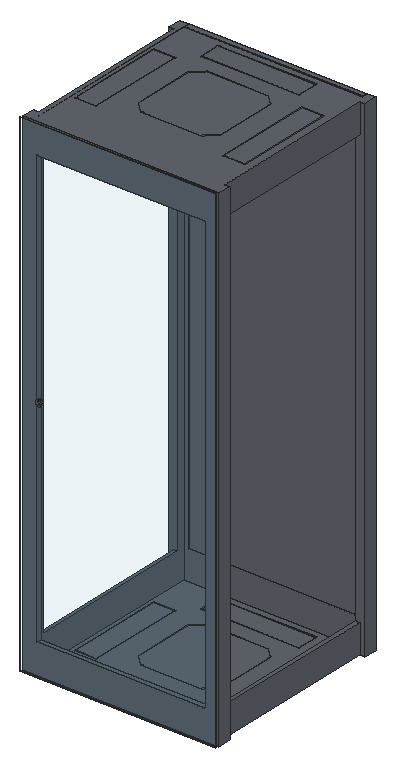
Revit family "Extension baying kit Linkeo", category Equipement spécialisé, Revit 2020
Family settings
  Cote de connecteur circulaire = Utiliser le diamètre
  Type d'élément = Normal
  Numéro OmniClass = 23.85.05.17.11.14
  Titre OmniClass = Multimedia Broadcasting Equipment
  Basée sur le plan de construction = Non
  Toujours verticalement = Oui
  Couper avec des vides une fois chargée = Non
  Partagée = Oui
  Point de calcul de pièce = Non
Parameters (values of type "Extension for cabinet Linkeo2 42U 800x800")
  With roof plate = yes
  With earthing = yes
  Width (mm) = 810.00 mm
  Usable width (mm) = 690.00 mm
  Usable height (mm) = 1786.00 mm
  Type of ventilation = "None"
  Type of surface = "Powder coating"
  Type of profile rail = "Crank"
  Storage temperature = "-25°C à 70°C"
  Rack location = 93.00 mm
  RAL Number = "7016"
  Operating temperature = "-25°C à 70°C"
  Number of height units = 42
  Number of doors = "1"
  Mounting level = "Front side"
  Modular spacing = "19 inches"
  Model width = 800.00 mm
  Model = "With permanent frame"
  Max load capacity = "400"
  Material = "Steel"
  Locking of the front door = "One point"
  Legrand part number = "646770"
  Type of levelling feet = "Levelling feet  800X800"
  Type of horizontal uprights = "Horizontal uprights for Linkeo freestanding cabinets  42U depth 800"
  Type of vertical uprights = "Vertical uprights for Linkeo freestanding cabinets  42U"
  Height = 2026.00 mm
  Function = "Cabinet Linkeo2"
  Front door material = glass
  Fabricant = "Legrand"  # constant formula
  E-catalogue link = "https://www.legrand.fr/reference/646770/pro"
  Door symbol = "Door symbol  Door 800mm"
  Elévation par défaut = 0.00 mm
  EAN = "3414971001633"
  Distance of the aperture 2 = 198.00 mm
  Distance of the aperture 1 = 257.00 mm
  Depth of the model (mm) = 800.00 mm
  Depth = 830.00 mm
  Degree of protection IP = "IP20"
  Degree of protection IK = "IK08"
  Color = grey
  BIM wording = "Cabinet Linkeo2 42U 800x800"
  Avec porte frontale = yes
  Application class = "EC002499"
Reference planes
  plane 1 "Centre (avant/arrière)": y = 106
  plane 2: z = 0
  plane 3: x = -100
  plane 4: x = 700
  plane 5: z = 2026
  plane 6: y = -694
  plane 7: x = -45
  plane 8: x = 645
  plane 9: x = 300
  plane 10: z = 1906
  plane 11: z = 120
  plane 12: z = 1013
  plane 13: y = -692
  plane 14: x = 300
  plane 15: y = -444.5
  plane 16: y = 455.094
  plane 17: x = 1428.928
  plane 18: z = -485.313
  plane 19: x = 2466.566
  plane 20: z = 1013
  plane 21: x = 300
  plane 22: x = 500
  plane 23: x = 100
  plane 24: x = 300
  plane 25: y = -601
  plane 26: x = 525
  plane 27: y = -599.5
  plane 28: x = 556.5
  plane 29: x = 558
  plane 30: y = -560.5
  plane 31: y = -559
  plane 32: x = 534.5
  plane 33: x = 536
  plane 34: z = 80
  plane 35: z = 89.5
  plane 36: x = 528.5
  plane 37: x = 538
  plane 38: z = 111.75
  plane 39: z = 121.25
  plane 40: y = -742.5
  plane 41: y = -752
  plane 42: z = 105.38
  plane 43: z = 95.88
  plane 44: x = 77
  plane 45: x = 67.5
  plane 46: x = 66
  plane 47: z = 125
  plane 48: z = 1991
  plane 49: z = 1013
  plane 50: y = -694
  plane 51: y = 66
  plane 52: z = 35
  plane 53: y = -601
  plane 54 "Panneaux gauche": y = -597.5
  plane 55 "Panneaux droit": y = 62.5
  plane 56 "Panneaux haut": z = 1989
  plane 57: z = 1941
  plane 58: z = 1941
  plane 59: y = -267.5
  plane 60: x = 175
  plane 61: x = 425
  plane 62: y = 54
  plane 63: y = -36
  plane 64: x = 98
  plane 65: x = 502
  plane 66: x = 131
  plane 67: y = -344.658
  plane 68: x = 469
  plane 69: y = -6.658
  plane 70: x = 133.5
  plane 71: y = -9.158
  plane 72: y = -342.158
  plane 73: x = 466.5
  plane 74: y = -50.658
  plane 75: y = -300.158
  plane 76: through (150.891, -321.084, 1200) normal (-0.7071, -0.7071, 0)
  plane 77: through (440.304, -329.89, 1200) normal (-0.7071, 0.7071, 0)
  plane 78: through (446.349, -26.971, 1200) normal (-0.7071, -0.7071, 0)
  plane 79: through (445.75, -29.908, 1200) normal (-0.7071, -0.7071, 0)
  plane 80: through (150.227, -316.885, 1200) normal (-0.7071, -0.7071, 0)
  plane 81: through (445.5, -321.158, 1200) normal (-0.7071, 0.7071, 0)
  plane 82: x = 100.5
  plane 83: y = 91.5
  plane 84: y = 7.5
  plane 85: x = 499.5
  plane 86: x = 131
  plane 87: y = -437
  plane 88: x = 469
  plane 89: y = -99
  plane 90: x = 133.5
  plane 91: y = -101.5
  plane 92: y = -434.5
  plane 93: x = 466.5
  plane 94: y = -143
  plane 95: y = -392.5
  plane 96: through (150.891, -413.426, 577) normal (-0.7071, -0.7071, 0)
  plane 97: through (440.304, -422.232, 577) normal (-0.7071, 0.7071, 0)
  plane 98: through (446.349, -119.313, 577) normal (-0.7071, -0.7071, 0)
  plane 99: through (445.75, -122.25, 577) normal (-0.7071, -0.7071, 0)
  plane 100: through (150.227, -409.227, 577) normal (-0.7071, -0.7071, 0)
  plane 101: through (445.5, -413.5, 577) normal (-0.7071, 0.7071, 0)
  plane 102: x = -49
  plane 103: x = 41
  plane 104: y = -92
  plane 105: y = -496
  plane 106: y = -94.5
  plane 107: x = -46.5
  plane 108: x = 559
  plane 109: x = 649
  plane 110: through (113.028, -163.472, 1200) normal (-0.7071, 0.7071, 0)
  plane 111: through (194.144, -78.82, 1200) normal (0.7071, -0.7071, 0)
  plane 112: through (113.028, -71.13, 1823) normal (-0.7071, 0.7071, 0)
  plane 113: through (194.144, 13.522, 1823) normal (0.7071, -0.7071, 0)
  plane 114: x = 175.5
  plane 115: through (175.5, -434.5, 1200) normal (-0.7071, -0.7071, 0)
  plane 116: x = 424.5
  plane 117: through (424.5, -434.5, 1200) normal (-0.7071, 0.7071, 0)
  plane 118: through (133.5, -143, 1200) normal (-0.7071, 0.7071, 0)
  plane 119: through (425, -101.5, 1200) normal (0.7071, 0.7071, 0)
  plane 120: x = 175.5
  plane 121: through (175.5, -342.158, 1823) normal (-0.7071, -0.7071, 0)
  plane 122: x = 424.5
  plane 123: through (424.5, -342.158, 1823) normal (-0.7071, 0.7071, 0)
  plane 124: through (133.5, -50.658, 1823) normal (-0.7071, 0.7071, 0)
  plane 125: through (425, -9.158, 1823) normal (0.7071, 0.7071, 0)
  plane 126: y = -601
  plane 127: z = 124.45
  plane 128: x = 42
  plane 129: y = -493.5
  plane 130: x = 100.5
  plane 131: x = 100.5
  plane 132: x = 100.5
  plane 133: x = 561.5
  plane 134: z = 1958
  plane 135: y = -294
  plane 136: y = 84.5
  plane 137: y = -672.5
  plane 138: x = 41
  plane 139: x = 559
  plane 140: x = 300
  plane 141: z = 4159
  plane 142: z = 1958
  plane 143: y = -694
  plane 144: z = 72
  plane 145: z = 1954
  plane 146: y = 82.5
  plane 147: y = -670.5
  plane 148: x = 38.5
  plane 149: x = 646.5
  plane 150: x = 678.5
  plane 151: x = -78.5
  plane 152: z = 1906
  plane 153: z = 120
  plane 154: z = 1013
  plane 155: y = -294
  plane 156: y = 51
  plane 157: y = -639
  plane 158: x = -63.5
  plane 159: x = 663.5
  plane 160: y = 84.5
  plane 161: y = -294
  plane 162: y = -709
  plane 163: y = -704
  plane 164: y = -294
Forms (mm)
  Extrusion 1, solid, material "grey" <- "Color"
    sketch origin (-100, 0, 0) x (0, 1, 0) y (0, 0, 1)
      loop
        line (-694, 0) -> (106, 0) -> (106, 2026) -> (-694, 2026) -> (-694, 0)
    from 0 to 800
  Extrusion 2, void
    sketch origin (-250, 82.5, 1200) x (1, 0, 0) y (0, 0, 1)
      loop
        line (185, 824) -> (185, -1198) -> (915, -1198) -> (915, 824) -> (185, 824)
    from 0 to 753
  Extrusion 3, void
    sketch origin (0, 106, 0) x (1, 0, 0) y (0, 0, 1)
      loop
        line (-45, 1906) -> (-45, 120) -> (645, 120) -> (645, 1906) -> (-45, 1906)
    from 0 to 800
  Extrusion 4, solid, material "grey"
    sketch origin (-658.117, -709, 541.471) x (1, 0, 0) y (0, 0, 1)
      loop
        circle (638.746, 471.529) r 12
    from 0 to 5
  Extrusion 5, void
    sketch origin (-657.497, -714, 541.306) x (-1, 0, 0) y (0, 0, 1)
      loop
        line (-631.856, 476.03) -> (-633.789, 477.963) -> (-644.395, 467.357) -> (-642.463, 465.424) -> (-631.856, 476.03)
    from 0 to 2
  Extrusion 6, solid, material "grey", not visible
    sketch origin (50.552, -709, -159.029) x (1, 0, 0) y (0, 0, 1)
      loop
        circle (638.746, 471.529) r 12
    from 0 to 5
  Extrusion 7, void, not visible
    sketch origin (51.172, -714, -159.194) x (-1, 0, 0) y (0, 0, 1)
      loop
        line (-631.856, 476.03) -> (-633.789, 477.963) -> (-644.395, 467.357) -> (-642.463, 465.424) -> (-631.856, 476.03)
    from 0 to 2
  Extrusion 8, solid, material "grey" <- "Color", not visible
    sketch origin (621, -865.746, -189.529) x (0, 1, 0) y (0, 0, 1)
      loop
        circle (638.746, 471.529) r 12
    from 0 to 4
  Extrusion 9, void, not visible
    sketch origin (625, -865.126, -189.694) x (0, -1, 0) y (0, 0, 1)
      loop
        line (-631.856, 476.03) -> (-633.789, 477.963) -> (-644.395, 467.357) -> (-642.463, 465.424) -> (-631.856, 476.03)
    from 0 to 2
  Extrusion 10, void
    sketch origin (0, -23, 0) x (1, 0, 0) y (0, 1, 0)
      loop
        line (131, -118.964) -> (131, -370.536) -> (174.464, -414) -> (425.536, -414) -> (469, -370.536) -> (469, -118.964) -> (426.036, -76) -> (173.964, -76) -> (131, -118.964)
    from 2026 to 0
  Extrusion 11, void
    sketch origin (-100, -694, 0) x (0, -1, 0) y (1, 0, 0)
      loop
        line (-658, 198) -> (-658, 602) -> (-748, 602) -> (-748, 198) -> (-658, 198)
    from 0 to 2026
  Extrusion 12, solid, material "grey" <- "Color"
    sketch origin (698, 106, 2026) x (-1, 0, 0) y (0, -1, 0)
      loop
        line (597.5, 56) -> (597.5, 138.5) -> (198.5, 138.5) -> (198.5, 56) -> (597.5, 56)
    from 0 to -2
  Extrusion 13, solid, material "grey" <- "Color", not visible
    sketch origin (698, 146, 625) x (-1, 0, 0) y (0, -1, 0)
      loop
        line (597.5, 56) -> (597.5, 138.5) -> (198.5, 138.5) -> (198.5, 56) -> (597.5, 56)
    from 0 to -2
  Extrusion 14, solid, material "grey" <- "Color"
    sketch origin (698, 106, 2) x (-1, 0, 0) y (0, -1, 0)
      loop
        line (597.5, 56) -> (597.5, 138.5) -> (198.5, 138.5) -> (198.5, 56) -> (597.5, 56)
    from 0 to -2
  Extrusion 15, void
    sketch origin (0, 0, 0) x (0, 1, 0) y (1, 0, 0)
      loop
        line (-92, -49) -> (-92, 41) -> (-496, 41) -> (-496, -49) -> (-92, -49)
      loop
        line (-92, 559) -> (-92, 649) -> (-496, 649) -> (-496, 559) -> (-92, 559)
    from 0 to -2026
  Extrusion 16, solid, material "grey" <- "Color"
    sketch origin (-100, -454, 0) x (1, 0, 0) y (0, -1, 0)
      loop
        line (233.5, -311) -> (275, -352.5) -> (525, -352.5) -> (566.5, -311) -> (566.5, -61.5) -> (524.5, -19.5) -> (275.5, -19.5) -> (233.5, -61.5) -> (233.5, -311)
    from 0 to -2
  Extrusion 17, solid, material "grey" <- "Color"
    sketch origin (-100, 106, 2026) x (0, -1, 0) y (1, 0, 0)
      loop
        line (207.5, 275) -> (249, 233.5) -> (498.5, 233.5) -> (540.5, 275.5) -> (540.5, 524.5) -> (498.5, 566.5) -> (249, 566.5) -> (207.5, 525) -> (207.5, 275)
    from -2 to 0
  Extrusion 18, void
    sketch origin (0, 106, 0) x (1, 0, 0) y (0, 0, 1)
      loop
        line (649, 1954) -> (-49, 1954) -> (-49, 72) -> (649, 72) -> (649, 1954)
    from 2 to 0
  Extrusion 19, solid, material "grey" <- "Color"
    sketch origin (938.746, 106, 1467.471) x (-1, 0, 0) y (0, 0, 1)
      loop
        circle (638.746, 471.529) r 12
    from 0 to 4
  Extrusion 20, void
    sketch origin (938.126, 110, 1467.306) x (1, 0, 0) y (0, 0, 1)
      loop
        line (-631.856, 476.03) -> (-633.789, 477.963) -> (-644.395, 467.357) -> (-642.463, 465.424) -> (-631.856, 476.03)
    from 0 to 2
  Extrusion 21, solid, material "grey" <- "Color"
    sketch origin (-100, 106, 2026) x (0, -1, 0) y (1, 0, 0)
      loop
        line (599.5, 746.5) -> (200.5, 746.5) -> (200.5, 661.5) -> (599.5, 661.5) -> (599.5, 746.5)
    from 0 to -2
  Extrusion 22, solid, material "grey" <- "Color"
    sketch origin (-100, -694, 0) x (1, 0, 0) y (0, -1, 0)
      loop
        line (53.5, -599.5) -> (138.5, -599.5) -> (138.5, -200.5) -> (53.5, -200.5) -> (53.5, -599.5)
    from 0 to -2
  Extrusion 23, solid, material "grey" <- "Color"
    sketch origin (-100, -694, 0) x (1, 0, 0) y (0, -1, 0)
      loop
        line (746.5, -599.5) -> (746.5, -200.5) -> (661.5, -200.5) -> (661.5, -599.5) -> (746.5, -599.5)
    from 0 to -2
  Extrusion 24, void
    sketch origin (-100, 0, 0) x (0, 1, 0) y (0, 0, 1)
      loop
        line (51, 2026) -> (-639, 2026) -> (-639, 0) -> (51, 0) -> (51, 2026)
    from 0 to 21.5
  Extrusion 25, solid, material "grey" <- "Color"
    sketch origin (0, 106, 0) x (1, 0, 0) y (0, 0, 1)
      loop
        line (663.5, 2026) -> (-63.5, 2026) -> (-63.5, 0) -> (663.5, 0) -> (663.5, 2026)
    from 0 to 21.5
  Extrusion 26, solid, material "grey" <- "Color"
    sketch origin (-100, 106, 2026) x (0, -1, 0) y (1, 0, 0)
      loop
        line (200.5, 53.5) -> (599.5, 53.5) -> (599.5, 138.5) -> (200.5, 138.5) -> (200.5, 53.5)
    from 0 to -2
  Extrusion 27, void
    sketch origin (700, 0, 0) x (0, -1, 0) y (0, 0, 1)
      loop
        line (639, 2026) -> (-51, 2026) -> (-51, 0) -> (639, 0) -> (639, 2026)
    from 0 to 21.5
  Extrusion 28, void
    sketch origin (-100, 0, 0) x (0, 1, 0) y (0, 0, 1)
      loop
        line (51, 1906) -> (-639, 1906) -> (-639, 120) -> (51, 120) -> (51, 1906)
    from 0 to 800
  Extrusion 29, void
    sketch origin (-100, 106, 2026) x (1, 0, 0) y (0, -1, 0)
      loop
        line (36.5, 21.5) -> (36.5, 0) -> (763.5, 0) -> (763.5, 21.5) -> (36.5, 21.5)
    from 0 to 2026
  Extrusion 30, solid, material "glass" <- "Front door material"
    sketch origin (-100, 106, 2026) x (0, -1, 0) y (1, 0, 0)
      loop
        line (815, 0) -> (815, 800) -> (810, 800) -> (810, 0) -> (815, 0)
    from -2026 to 4
Cuts and joins
  Extrusion 2, Extrusion 3, Extrusion 10, Extrusion 11, Extrusion 15, Extrusion 18, Extrusion 24, Extrusion 27, Extrusion 28, Extrusion 29 cuts Extrusion 1
  Extrusion 5 cuts Extrusion 4
  Extrusion 20 cuts Extrusion 19
Lines and regions (mm)
  model lines, not visible
    curve 1: line (488, 106, 1013) -> (512, 106, 1013)
    curve 2: line (661, -215, 282) -> (661, -227, 282)
    curve 3: line (-139, -227, 282) -> (-139, -227, 270)
    curve 4: line (288, 146, 1939) -> (300, 146, 1939)
    curve 5: line (300, -654, 1939) -> (300, -654, 1927)
    curve 7: line (-139, -627, 270) -> (-124, -627, 270)
  model lines
    curve 6: line (700, -654, 1927) -> (700, -639, 1927)
Dimensions and locks
  "Model width": plane 4 to plane 3
  "Height": plane 5 to level
  "Depth of the model (mm)": plane 6 to plane 1 "Centre (avant/arrière)"
  locked: plane 7 to plane 8 at 690
  equal spacing: plane 7, plane 9, plane 8
  equal spacing: plane 4, plane 9, plane 3
  equal spacing: plane 5, plane 12, level
  equal spacing: plane 10, plane 12, plane 11
  "Usable height (mm)": plane 10 to plane 11
  Extrusion 2 sketch curve to plane 3 = 35.00 mm
  Extrusion 2 sketch curve to plane 4 = 35.00 mm
  locked: Extrusion 2 sketch curve to level at 2
  locked: plane 5 to Extrusion 2 sketch curve at 2
  locked: plane 6 to plane 13 at 2
  cut or joined group 1 (Extrusion 1, Extrusion 2, Extrusion 3, Extrusion 10, Extrusion 11, Extrusion 15, Extrusion 18, Extrusion 24, Extrusion 27, Extrusion 28, Extrusion 29) to plane 1 "Centre (avant/arrière)" = 23.50 mm
  equal spacing: plane 3, plane 14, plane 4
  equal spacing: plane 23, plane 24, plane 22
  "Rack location": plane 25 to plane 6
  locked: plane 27 to plane 25 at 1.5
  locked: plane 28 to plane 29 at 1.5
  locked: plane 30 to plane 31 at 1.5
  locked: plane 32 to plane 33 at 1.5
  plane 29 to cut or joined group 1 = 107.00 mm
  locked: plane 26 to plane 28 at 31.5
  locked: plane 31 to plane 25 at 42
  locked: plane 32 to plane 29 at 23.5
  locked: plane 34 to level at 80
  locked: plane 35 to plane 34 at 9.5
  locked: plane 36 to plane 37 at 9.5
  locked: plane 26 to plane 36 at 3.5
  locked: plane 39 to plane 38 at 9.5
  locked: plane 38 to plane 34 at 31.75
  plane 41 to plane 40 = 9.50 mm
  locked: plane 42 to plane 43 at 9.5
  plane 43 to plane 35 = 6.38 mm
  locked: plane 45 to plane 46 at 1.5
  locked: plane 47 to plane 11 at 5
  plane 5 to plane 48 to plane 10 = 35.00 mm, 85.00 mm
  locked: plane 51 to plane 1 "Centre (avant/arrière)" at 40
  locked: plane 52 to level at 35
  locked: plane 48 to plane 5 at 35
  locked: plane 25 to plane 54 "Panneaux gauche" at 3.5
  locked: plane 55 "Panneaux droit" to plane 51 at 3.5
  locked: plane 56 "Panneaux haut" to plane 48 at 2
  plane 57 to plane 5 = 85.00 mm
  locked: plane 5 to plane 58 at 85
  plane 54 "Panneaux gauche" to plane 55 "Panneaux droit" = 660.00 mm
  equal spacing: plane 54 "Panneaux gauche", plane 59, plane 55 "Panneaux droit"
  locked: plane 64 to plane 65 at 404
  "Distance of the aperture 2": plane 1 "Centre (avant/arrière)" to plane 104
  locked: plane 104 to plane 105 at 404
  locked: plane 102 to plane 103 at 90
  locked: plane 104 to plane 106 at 2.5
  locked: plane 102 to plane 107 at 2.5
  locked: plane 3 to plane 102 at 51
  locked: plane 108 to plane 109 at 90
  plane 109 to plane 4 = 51.00 mm
  "Distance of the aperture 1": plane 50 to plane 87
  locked: plane 127 to plane 34 at 44.45
  equal spacing: plane 128, plane 24, plane 29
  locked: plane 128 to plane 29 at 516
  plane 1 "Centre (avant/arrière)" to plane 62 = 52.00 mm
  cut or joined group 1 to plane 63 = 90.00 mm
  plane 129 to plane 105 = 2.50 mm
  plane 5 to plane 134 = 68.00 mm
  equal spacing: plane 136, plane 135, plane 137
  equal spacing: plane 1 "Centre (avant/arrière)", plane 135, plane 6
  equal spacing: plane 138, plane 140, plane 139, locked at 259 each
  plane 141 to plane 20 = 3146.00 mm
  equal spacing: Extrusion 24 sketch curve, plane 135, Extrusion 24 sketch curve
  "Usable width (mm)": Extrusion 24 sketch curve to Extrusion 24 sketch curve
  locked: plane 144 to level at 72
  plane 5 to plane 145 = 72.00 mm
  locked: plane 1 "Centre (avant/arrière)" to plane 146 at 23.5
  locked: plane 50 to plane 147 at 23.5
  locked: plane 148 to plane 103 at 2.5
  locked: plane 149 to plane 109 at 2.5
  locked: plane 150 to plane 4 at 21.5
  locked: plane 3 to plane 151 at 21.5
  equal spacing: plane 152, plane 154, plane 153
  "Usable height (mm)": plane 152 to plane 153
  equal spacing: plane 156, plane 155, plane 157
  "Usable width (mm)": plane 156 to plane 157
  locked: plane 3 to plane 158 at 36.5
  locked: plane 159 to plane 4 at 36.5
  locked: plane 1 "Centre (avant/arrière)" to plane 160 at 21.5
  equal spacing: plane 1 "Centre (avant/arrière)", plane 161, plane 143
  locked: plane 163 to plane 162 at 5
  locked: plane 163 to plane 50 at 10
  cut or joined group of Extrusion 4, Extrusion 5 to Extrusion 30 = 5.00 mm
  equal spacing: plane 50, plane 164, plane 1 "Centre (avant/arrière)"
  locked: curve 6 to plane 5 at 99
  aligned and locked: level to plane 2
  aligned and locked: Extrusion 1 sketch curve to level
  aligned and locked: Extrusion 1 sketch curve to plane 6
  aligned and locked: plane 5 to Extrusion 1 sketch curve
  aligned and locked: Extrusion 1 sketch curve to plane 1 "Centre (avant/arrière)"
  aligned and locked: Extrusion 1 to plane 4
  aligned and locked: Extrusion 1 to plane 3
  aligned and locked: Extrusion 3 sketch curve to plane 10
  aligned and locked: Extrusion 3 sketch curve to plane 7
  aligned and locked: plane 11 to Extrusion 3 sketch curve
  aligned and locked: Extrusion 3 sketch curve to plane 8
  aligned and locked: Extrusion 1 to Extrusion 3  (x2)
  aligned and locked: plane 24 to plane 9
  aligned and locked: plane 20 to plane 12
  aligned and locked: plane 49 to Extrusion 4
  aligned and locked: plane 49 to plane 20
  aligned and locked: plane 6 to plane 50
  aligned and locked: Extrusion 11 sketch curve to plane 64
  aligned and locked: plane 65 to Extrusion 11 sketch curve
  aligned and locked: Extrusion 12 to cut or joined group 1
  aligned and locked: Extrusion 1 to Extrusion 11
  aligned and locked: plane 104 to Extrusion 15 sketch curve  (x2)
  aligned and locked: Extrusion 15 sketch curve to plane 102
  aligned and locked: Extrusion 15 sketch curve to plane 105  (x2)
  aligned and locked: plane 103 to Extrusion 15 sketch curve
  aligned and locked: plane 5 to Extrusion 15
  aligned and locked: Extrusion 10 sketch curve to plane 86
  aligned and locked: Extrusion 10 sketch curve to plane 111
  aligned and locked: Extrusion 10 sketch curve to plane 89
  aligned and locked: Extrusion 10 sketch curve to plane 98
  aligned and locked: Extrusion 10 sketch curve to plane 88
  aligned and locked: Extrusion 10 sketch curve to plane 97
  aligned and locked: Extrusion 10 sketch curve to plane 87
  aligned and locked: Extrusion 10 sketch curve to plane 96
  aligned and locked: Extrusion 16 sketch curve to plane 110
  aligned and locked: Extrusion 16 sketch curve to plane 91
  aligned and locked: Extrusion 16 sketch curve to plane 99
  aligned and locked: Extrusion 16 sketch curve to plane 93
  aligned and locked: Extrusion 16 sketch curve to plane 101
  aligned and locked: Extrusion 16 sketch curve to plane 92
  aligned and locked: Extrusion 16 sketch curve to plane 100
  aligned and locked: Extrusion 16 sketch curve to plane 90
  aligned and locked: Extrusion 17 sketch curve to Extrusion 16  (x8)
  aligned and locked: Extrusion 17 to cut or joined group 1
  aligned and locked: plane 5 to Extrusion 17
  aligned and locked: Extrusion 16 to level
  aligned and locked: plane 109 to Extrusion 18 sketch curve
  aligned and locked: plane 102 to Extrusion 18 sketch curve
  aligned and locked: Extrusion 18 to Extrusion 1
  aligned and locked: plane 126 to plane 25
  aligned and locked: Extrusion 15 sketch curve to plane 108
  aligned and locked: plane 109 to Extrusion 15 sketch curve
  aligned and locked: Extrusion 11 sketch curve to plane 62
  aligned and locked: Extrusion 11 sketch curve to plane 63
  aligned and locked: Extrusion 12 to plane 130
  aligned and locked: Extrusion 13 to plane 131
  aligned and locked: Extrusion 14 to plane 132
  aligned and locked: Extrusion 1 to Extrusion 10
  aligned and locked: Extrusion 21 sketch curve to plane 106
  aligned and locked: Extrusion 21 sketch curve to plane 133
  aligned and locked: Extrusion 21 sketch curve to plane 129
  aligned and locked: Extrusion 21 to cut or joined group 1
  aligned and locked: plane 5 to Extrusion 21
  aligned and locked: Extrusion 22 to cut or joined group 1
  aligned and locked: Extrusion 23 sketch curve to Extrusion 21  (x2)
  aligned and locked: Extrusion 21 to Extrusion 23 sketch curve
  aligned and locked: Extrusion 23 to cut or joined group 1
  aligned and locked: plane 140 to plane 14
  aligned and locked: plane 142 to plane 134
  aligned and locked: plane 145 to Extrusion 18 sketch curve
  aligned and locked: Extrusion 18 sketch curve to plane 144
  aligned and locked: plane 146 to Extrusion 2
  aligned and locked: Extrusion 2 to plane 147
  aligned and locked: Extrusion 22 sketch curve to plane 106
  aligned and locked: Extrusion 22 sketch curve to plane 107
  aligned and locked: Extrusion 26 sketch curve to Extrusion 22  (x2)
  aligned and locked: plane 129 to Extrusion 22 sketch curve
  aligned and locked: plane 129 to Extrusion 26 sketch curve
  aligned and locked: Extrusion 26 to cut or joined group 1
  aligned and locked: Extrusion 26 sketch curve to plane 148
  aligned and locked: Extrusion 22 sketch curve to plane 148
  aligned and locked: Extrusion 23 sketch curve to plane 149
  aligned and locked: Extrusion 21 sketch curve to plane 149
  aligned and locked: plane 5 to Extrusion 24 sketch curve
  aligned and locked: Extrusion 24 sketch curve to level
  aligned and locked: Extrusion 27 sketch curve to cut or joined group 1  (x2)
  aligned and locked: plane 12 to plane 154
  aligned and locked: Extrusion 28 sketch curve to plane 11
  aligned and locked: Extrusion 28 sketch curve to plane 157
  aligned and locked: plane 156 to Extrusion 28 sketch curve
  aligned and locked: plane 10 to Extrusion 28 sketch curve
  aligned and locked: Extrusion 28 to plane 4
  aligned and locked: plane 160 to Extrusion 29 sketch curve
  aligned and locked: plane 158 to Extrusion 29 sketch curve
  aligned and locked: plane 1 "Centre (avant/arrière)" to Extrusion 29 sketch curve
  aligned and locked: Extrusion 29 sketch curve to plane 159
  aligned and locked: Extrusion 1 to Extrusion 29
  aligned and locked: plane 5 to Extrusion 25 sketch curve
  aligned and locked: Extrusion 25 sketch curve to level
  aligned and locked: Extrusion 25 sketch curve to cut or joined group 1  (x2)
  aligned and locked: Extrusion 25 to cut or joined group 1
  aligned and locked: plane 135 to plane 155
  aligned and locked: Extrusion 30 sketch curve to plane 162
  aligned and locked: Extrusion 30 sketch curve to plane 3
  aligned and locked: Extrusion 30 sketch curve to plane 163
  aligned and locked: Extrusion 30 sketch curve to plane 4
  aligned and locked: cut or joined group 1 to Extrusion 30
  aligned and locked: Extrusion 4 to Extrusion 30
Automatic sketch dimensions
  Extrusion 5 sketch curve to Extrusion 5 sketch curve = 1.933 mm  (x2)
  Extrusion 5 sketch curve to Extrusion 5 sketch curve = 10.607 mm
  Extrusion 7 sketch curve to Extrusion 7 sketch curve = 1.933 mm  (x2)
  Extrusion 7 sketch curve to Extrusion 7 sketch curve = 10.607 mm
  Extrusion 9 sketch curve to Extrusion 9 sketch curve = 1.933 mm  (x2)
  Extrusion 9 sketch curve to Extrusion 9 sketch curve = 10.607 mm
  curve 3 to curve 3 = 12.00 mm
  Extrusion 20 sketch curve to Extrusion 20 sketch curve = 1.933 mm  (x2)
  Extrusion 20 sketch curve to Extrusion 20 sketch curve = 10.607 mm
  curve 5 to curve 5 = 12.00 mm
  curve 1 to plane 12 = 0.00 mm
  curve 1 to plane 85 = 11.50 mm
  plane 65 to curve 1 = 10.00 mm
  Extrusion 14 sketch curve to Extrusion 14 sketch curve = 399.00 mm
  Extrusion 14 sketch curve to Extrusion 14 sketch curve = 82.50 mm
  Extrusion 12 sketch curve to Extrusion 12 sketch curve = 399.00 mm
  Extrusion 12 sketch curve to Extrusion 12 sketch curve = 82.50 mm
  Extrusion 13 sketch curve to Extrusion 13 sketch curve = 399.00 mm
  Extrusion 13 sketch curve to Extrusion 13 sketch curve = 82.50 mm
  curve 6 to curve 6 = 15.00 mm
  curve 7 to curve 7 = 15.00 mm
  Extrusion 27 sketch curve to Extrusion 1 = 0.00 mm
  Extrusion 1 to Extrusion 27 sketch curve = 0.00 mm
  radius of Extrusion 4 sketch curve = 12.00 mm
  radius of Extrusion 6 sketch curve = 12.00 mm
  radius of Extrusion 8 sketch curve = 12.00 mm
  radius of Extrusion 19 sketch curve = 12.00 mm
